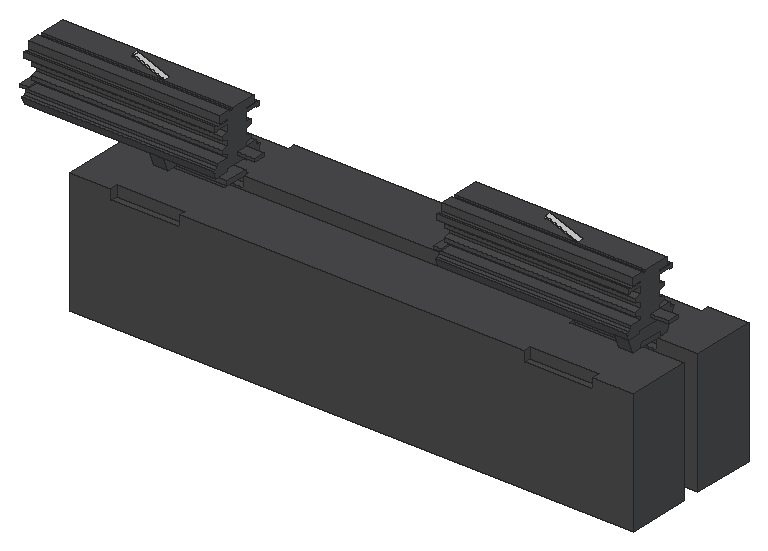
Revit family "STRIPE DOUBLE HEAD RAIL 328_DTM30U3.2_W3.2_N3.2", category Luminarias, Revit 2019
Family settings
  Cota de conector redondo = Diámetro de uso
  Tipo de pieza = Normal
  Se basa en plano de trabajo = Sí
  Siempre vertical = Sí
  Corte con vacíos al cargar = No
  Origen de luz = Sí
  Compartido = No
  Punto de cálculo de habitación = No
Parameters (values of type "STRIPE DOUBLE HEAD RAIL 328_DTM30N3.2")
  Ángulo de inclinación = 60.00°
  Ángulo de enfoque = 90.00°
  Ángulo de campo de foco = 90.00°
  Zone [instance] = ""
  Watt per fixture = 30
  Wattage = 30 W
  built-in parameter 1150107 = 4000 (stored number, unit not read)
  built-in parameter 1150110 = 1 (stored number, unit not read)
  built-in parameter 1150109 = 1 (stored number, unit not read)
  built-in parameter 1150112 = 1 (stored number, unit not read)
  built-in parameter 1150113 = 1 (stored number, unit not read)
  built-in parameter 1114218 = 1 (stored number, unit not read)
  Keynote = ""
  built-in parameter 1150137 = (empty or 0)
  built-in parameter 1150132 = (empty or 0)
  Modelo = "DTM30N3.2"
  Lámpara = "2835 SMD SAMSUNG"
  Light Source Symbol Length = 3048 mm
  built-in parameter 1150105 = 3722.5 (stored number, unit not read)
  built-in parameter 1150102 = (empty or 0)
  built-in parameter 1150106 = 37.225 (stored number, unit not read)
  Lumens = 5040 lm
  Color Filter = 16777215
  built-in parameter 1114217 = 1 (stored number, unit not read)
  built-in parameter 1150139 = (empty or 0)
  Fabricante = "BRILLANT"
  Default Elevation = 1219.2 mm
  built-in parameter 1150104 = 15.608 (stored number, unit not read)
  Descripción = "LUMINARIA DOWNLIGHT EN FORMATO RECTANGULAR COMPATIBLE CON RIEL DE 6 ENTRADAS Y 3 CIRCUITOS CON CABEZAL PARA PODER DIRIGIR LA LUMINARIA HASTA 90 GRADOS, CUERPO DE ALUMINIO ACABADO EN COLOR NEGRO, IP 20, PESO 1.56Kg, TIPO DE LED 2835 SMD SAMSUNG CON 30W TOTAL, 2400 LUMENES, 168LM/W, IRC 90, TEMPERATURA EN BLANCO FRIO 4000K, 50 MIL HORAS DE VIDA PROMEDIO, APERTURA DE 90 GRADOS EN STOCK, ALIMENTADO A 90-240V"
  built-in parameter 1150115 = 1 (stored number, unit not read)
  built-in parameter 1150114 = 1 (stored number, unit not read)
  Comentarios de vataje = "90-240V"
  built-in parameter 1150138 = (empty or 0)
  built-in parameter 1150134 = 12
  Circuit [instance] = ""
  Dimming Lamp Color Temperature Shift = (empty or 0)
  Longitud de símbolo de origen de luz = 3048 mm
Types (3, lengths in mm): name | built-in parameter 1150107 | Modelo | built-in parameter 1150105 | built-in parameter 1150106 | Lumens | built-in parameter 1150104 | Descripción | built-in parameter 1150134
  STRIPE DOUBLE HEAD RAIL 328_DTM30U3.2 | 2700 (stored number, unit not read) | "DTM30U3.2" | 45982.4 (stored number, unit not read) | 459.82 (stored number, unit not read) | 4560 lm | 14.121 (stored number, unit not read) | "LUMINARIA DOWNLIGHT EN FORMATO RECTANGULAR COMPATIBLE CON RIEL DE 6 ENTRADAS Y 3 CIRCUITOS CON CABEZAL PARA PODER DIRIGIR LA LUMINARIA HASTA 90 GRADOS, CUERPO DE ALUMINIO ACABADO EN COLOR NEGRO, IP 20, PESO 1.56Kg, TIPO DE LED 2835 SMD SAMSUNG CON 30W TOTAL, 2300 LUMENES, 152LM/W, IRC 90, TEMPERATURA EN BLANCO CALIDO 2700K, 50 MIL HORAS DE VIDA PROMEDIO, APERTURA DE 90 GRADOS EN STOCK, ALIMENTADO A 90-240V" | (empty or 0)
  STRIPE DOUBLE HEAD RAIL 328_DTM30W3.2 | 3000 (stored number, unit not read) | "DTM30W3.2" | 46587.4 (stored number, unit not read) | 465.87 (stored number, unit not read) | 4620 lm | 14.307 (stored number, unit not read) | "LUMINARIA DOWNLIGHT EN FORMATO RECTANGULAR COMPATIBLE CON RIEL DE 6 ENTRADAS Y 3 CIRCUITOS CON CABEZAL PARA PODER DIRIGIR LA LUMINARIA HASTA 90 GRADOS, CUERPO DE ALUMINIO ACABADO EN COLOR NEGRO, IP 20, PESO 1.56Kg, TIPO DE LED 2835 SMD SAMSUNG CON 30W TOTAL, 2200 LUMENES, 154LM/W, IRC 90, TEMPERATURA EN BLANCO CALIDO 3000K, 50 MIL HORAS DE VIDA PROMEDIO, APERTURA DE 90 GRADOS EN STOCK, ALIMENTADO A 90-240V" | (empty or 0)
  STRIPE DOUBLE HEAD RAIL 328_DTM30N3.2 | 4000 (stored number, unit not read) | "DTM30N3.2" | 3722.5 (stored number, unit not read) | 37.225 (stored number, unit not read) | 5040 lm | 15.608 (stored number, unit not read) | "LUMINARIA DOWNLIGHT EN FORMATO RECTANGULAR COMPATIBLE CON RIEL DE 6 ENTRADAS Y 3 CIRCUITOS CON CABEZAL PARA PODER DIRIGIR LA LUMINARIA HASTA 90 GRADOS, CUERPO DE ALUMINIO ACABADO EN COLOR NEGRO, IP 20, PESO 1.56Kg, TIPO DE LED 2835 SMD SAMSUNG CON 30W TOTAL, 2400 LUMENES, 168LM/W, IRC 90, TEMPERATURA EN BLANCO FRIO 4000K, 50 MIL HORAS DE VIDA PROMEDIO, APERTURA DE 90 GRADOS EN STOCK, ALIMENTADO A 90-240V" | 12
Reference planes
  plane 1 "Centro (Frontal/Posterior)": y = 0
  plane 2: z = 0
  plane 3 "Centro (Izquierda/Derecha)": x = 0
Forms (mm)
  Extrusion 1, solid, material "Default Form", not visible
    sketch origin (-55.628, 0, 7.5) x (0, 1, 0) y (0, 0, 1)
      loop
        line (-7.273, 1.74) -> (7.273, 1.74) -> (7.273, 0) -> (15.231, 0) -> (17.006, 4.494) -> (15.021, 4.494) -> (14.058, 5.868) -> (14.058, 7.166) -> (6.473, 7.166) -> (6.473, 9.324) -> (10.169, 10.163) -> (10.169, 12.464) -> (6.473, 13.302) -> (6.473, 16.66) -> (10.169, 17.499) -> (10.169, 19.8) -> (6.473, 20.638) -> (6.473, 25.016) -> (13.839, 25.016) -> (14.514, 24.341) -> (15.775, 24.341) -> (15.775, 27.171) -> (14.73, 27.171) -> (14.058, 26.499) -> (6.473, 26.499) -> (6.473, 27.299) -> (12.377, 27.299) -> (12.377, 31.471) -> (-2.744, 31.471) -> (-2.744, 30.671) -> (-5.514, 30.671) -> (-5.514, 31.471) -> (-12.377, 31.471) -> (-12.377, 27.299) -> (-6.473, 27.299) -> (-6.473, 26.499) -> (-14.058, 26.499) -> (-14.73, 27.171) -> (-15.775, 27.171) -> (-15.775, 24.341) -> (-14.514, 24.341) -> (-13.839, 25.016) -> (-6.473, 25.016) -> (-6.473, 20.638) -> (-10.169, 19.8) -> (-10.169, 17.499) -> (-6.473, 16.66) -> (-6.473, 13.302) -> (-10.169, 12.464) -> (-10.169, 10.163) -> (-6.473, 9.324) -> (-6.473, 7.166) -> (-14.058, 7.166) -> (-14.058, 5.868) -> (-15.021, 4.494) -> (-17.006, 4.494) -> (-15.231, 0) -> (-7.273, 0) -> (-7.273, 1.74)
    from 0 to 111.256
  Extrusion 2, solid, material "Default Form", not visible
    sketch origin (0, 0, 0) x (1, 0, 0) y (0, 1, 0)
      loop
        line (-19.12, 6.873) -> (-19.12, -6.873) -> (19.12, -6.873) -> (19.12, 6.873) -> (-19.12, 6.873)
    from 0 to 2.67
  Extrusion 3, solid, material "Default Form", not visible
    sketch origin (0, 0, 0) x (1, 0, 0) y (0, 1, 0)
      loop
        line (-10.93, 3.188) -> (-10.93, -3.188) -> (10.93, -3.188) -> (10.93, 3.188) -> (-10.93, 3.188)
    from 2.67 to 7.5
  Extrusion 4, solid, material "Acero Inoxidable", not visible
    sketch origin (0, -1.594, 0) x (1, 0, 0) y (0, 0, -1)
      loop
        line (-15, -38.971) -> (3.794, -45.811) -> (4.341, -44.308) -> (3.589, -44.034) -> (3.316, -44.786) -> (-12.661, -38.971) -> (-15, -38.971)
    from 0 to 3.188
  Extrusion 5, solid, material "Default Form", not visible
    sketch origin (-55.628, 0, 7.5) x (0, 1, 0) y (0, 0, 1)
      loop
        line (-7.273, 1.74) -> (7.273, 1.74) -> (7.273, 0) -> (15.231, 0) -> (17.006, 4.494) -> (15.021, 4.494) -> (14.058, 5.868) -> (14.058, 7.166) -> (6.473, 7.166) -> (6.473, 9.324) -> (10.169, 10.163) -> (10.169, 12.464) -> (6.473, 13.302) -> (6.473, 16.66) -> (10.169, 17.499) -> (10.169, 19.8) -> (6.473, 20.638) -> (6.473, 25.016) -> (13.839, 25.016) -> (14.514, 24.341) -> (15.775, 24.341) -> (15.775, 27.171) -> (14.73, 27.171) -> (14.058, 26.499) -> (6.473, 26.499) -> (6.473, 27.299) -> (12.377, 27.299) -> (12.377, 31.471) -> (-2.744, 31.471) -> (-2.744, 30.671) -> (-5.514, 30.671) -> (-5.514, 31.471) -> (-12.377, 31.471) -> (-12.377, 27.299) -> (-6.473, 27.299) -> (-6.473, 26.499) -> (-14.058, 26.499) -> (-14.73, 27.171) -> (-15.775, 27.171) -> (-15.775, 24.341) -> (-14.514, 24.341) -> (-13.839, 25.016) -> (-6.473, 25.016) -> (-6.473, 20.638) -> (-10.169, 19.8) -> (-10.169, 17.499) -> (-6.473, 16.66) -> (-6.473, 13.302) -> (-10.169, 12.464) -> (-10.169, 10.163) -> (-6.473, 9.324) -> (-6.473, 7.166) -> (-14.058, 7.166) -> (-14.058, 5.868) -> (-15.021, 4.494) -> (-17.006, 4.494) -> (-15.231, 0) -> (-7.273, 0) -> (-7.273, 1.74)
    from 0 to 111.256
  Extrusion 6, solid, material "Default Form", not visible
    sketch origin (0, 0, 0) x (1, 0, 0) y (0, 1, 0)
      loop
        line (-19.12, 6.873) -> (-19.12, -6.873) -> (19.12, -6.873) -> (19.12, 6.873) -> (-19.12, 6.873)
    from 0 to 2.67
  Extrusion 7, solid, material "Default Form", not visible
    sketch origin (0, 0, 0) x (1, 0, 0) y (0, 1, 0)
      loop
        line (-10.93, 3.188) -> (-10.93, -3.188) -> (10.93, -3.188) -> (10.93, 3.188) -> (-10.93, 3.188)
    from 2.67 to 7.5
  Extrusion 8, solid, material "Acero Inoxidable", not visible
    sketch origin (0, -1.594, 0) x (1, 0, 0) y (0, 0, -1)
      loop
        line (-15, -38.971) -> (3.794, -45.811) -> (4.341, -44.308) -> (3.589, -44.034) -> (3.316, -44.786) -> (-12.661, -38.971) -> (-15, -38.971)
    from 0 to 3.188
  Extrusion 9, solid, material "Default Form", not visible
    sketch origin (0, 0, 0) x (1, 0, 0) y (0, 1, 0)
      loop
        line (-55.628, 6.473) -> (-66.331, 6.473) -> (-66.331, 0) -> (-55.628, 0) -> (-55.628, 6.473)
      loop
        line (55.628, 12.377) -> (55.628, -12.149) -> (60.628, -12.149) -> (60.628, 12.377) -> (55.628, 12.377)
    from 13.368 to 15
  Extrusion 10, solid, material "Default Form"
    sketch origin (-100.42, 0, 7.5) x (0, 1, 0) y (0, 0, -1)
      loop
        line (-7.273, -1.74) -> (-7.273, 0) -> (-15.231, 0) -> (-17.006, -4.494) -> (-15.021, -4.494) -> (-14.058, -5.868) -> (-14.058, -7.166) -> (-6.473, -7.166) -> (-6.473, -9.324) -> (-10.169, -10.163) -> (-10.169, -12.464) -> (-6.473, -13.302) -> (-6.473, -16.66) -> (-10.169, -17.499) -> (-10.169, -19.8) -> (-6.473, -20.638) -> (-6.473, -25.016) -> (-13.839, -25.016) -> (-14.514, -24.341) -> (-15.775, -24.341) -> (-15.775, -27.171) -> (-14.73, -27.171) -> (-14.058, -26.499) -> (-6.473, -26.499) -> (-6.473, -27.299) -> (-12.377, -27.299) -> (-12.377, -31.471) -> (-5.514, -31.471) -> (-5.514, -30.671) -> (-2.744, -30.671) -> (-2.744, -31.471) -> (12.377, -31.471) -> (12.377, -27.299) -> (6.473, -27.299) -> (6.473, -26.499) -> (14.058, -26.499) -> (14.73, -27.171) -> (15.775, -27.171) -> (15.775, -24.341) -> (14.514, -24.341) -> (13.839, -25.016) -> (6.473, -25.016) -> (6.473, -20.638) -> (10.169, -19.8) -> (10.169, -17.499) -> (6.473, -16.66) -> (6.473, -13.302) -> (10.169, -12.464) -> (10.169, -10.163) -> (6.473, -9.324) -> (6.473, -7.166) -> (14.058, -7.166) -> (14.058, -5.868) -> (15.021, -4.494) -> (17.006, -4.494) -> (15.231, 0) -> (7.273, 0) -> (7.273, -1.74) -> (-7.273, -1.74)
    from 0 to 111.256
  Extrusion 11, solid, material "Default Form"
    sketch origin (-119.54, 0, 0) x (-1, 0, 0) y (0, -1, 0)
      loop
        line (-19.12, -6.873) -> (19.12, -6.873) -> (19.12, 6.873) -> (-19.12, 6.873) -> (-19.12, -6.873)
    from 0 to 2.67
  Extrusion 12, solid, material "Default Form"
    sketch origin (-119.54, 0, 0) x (-1, 0, 0) y (0, -1, 0)
      loop
        line (-10.93, -3.188) -> (10.93, -3.188) -> (10.93, 3.188) -> (-10.93, 3.188) -> (-10.93, -3.188)
    from 2.67 to 7.5
  Extrusion 13, solid, material "Acero Inoxidable"
    sketch origin (-156.048, -1.594, 0) x (-1, 0, 0) y (0, 0, 1)
      loop
        line (-15, 38.971) -> (-12.661, 38.971) -> (3.316, 44.786) -> (3.589, 44.034) -> (4.341, 44.308) -> (3.794, 45.811) -> (-15, 38.971)
    from 0 to 3.188
  Extrusion 14, solid, material "Default Form"
    sketch origin (-156.048, 0, 0) x (-1, 0, 0) y (0, -1, 0)
      loop
        line (-55.628, -6.473) -> (-55.628, 0) -> (-66.331, 0) -> (-66.331, -6.473) -> (-55.628, -6.473)
      loop
        line (55.628, -12.377) -> (60.628, -12.377) -> (60.628, 12.149) -> (55.628, 12.149) -> (55.628, -12.377)
    from 13.368 to 15
  Extrusion 15, solid, material "Default Form"
    sketch origin (0, -23.326, 0) x (1, 0, 0) y (0, 0, 1)
      loop
        line (-164, 0) -> (-164, -72) -> (164, -72) -> (164, 0) -> (-164, 0)
    from -18.326 to 18.326
  Blend 16, void
    base sketch origin (0, -23.326, 0) x (1, 0, 0) y (0, 1, 0)
      loop
        line (-162, 16.149) -> (-162, -16.149) -> (162.125, -16.149) -> (162.125, 16.149) -> (-162, 16.149)
    top sketch origin (0, -23.326, 0) x (1, 0, 0) y (0, 1, 0)
      loop
        line (-160, 12.149) -> (-160, -12.149) -> (160, -12.149) -> (160, 12.149) -> (-160, 12.149)
    from -72 to -61.591
  Extrusion 17, void
    sketch origin (0, -23.326, 0) x (1, 0, 0) y (0, 1, 0)
      loop
        line (-140.14, 18.326) -> (-140.14, 14.276) -> (-100.42, 14.276) -> (-100.42, 18.326) -> (-140.14, 18.326)
      loop
        line (-140.14, -18.326) -> (-100.42, -18.326) -> (-100.42, -14.276) -> (-140.14, -14.276) -> (-140.14, -18.326)
      loop
        line (140.14, -18.326) -> (140.14, -14.276) -> (100.42, -14.276) -> (100.42, -18.326) -> (140.14, -18.326)
      loop
        line (140.14, 18.326) -> (100.42, 18.326) -> (100.42, 14.276) -> (140.14, 14.276) -> (140.14, 18.326)
    from -6.015 to 0
  Extrusion 18, solid, material "Default Form"
    sketch origin (140.14, 0, 7.5) x (0, 1, 0) y (0, 0, -1)
      loop
        line (-7.273, -1.74) -> (-7.273, 0) -> (-15.231, 0) -> (-17.006, -4.494) -> (-15.021, -4.494) -> (-14.058, -5.868) -> (-14.058, -7.166) -> (-6.473, -7.166) -> (-6.473, -9.324) -> (-10.169, -10.163) -> (-10.169, -12.464) -> (-6.473, -13.302) -> (-6.473, -16.66) -> (-10.169, -17.499) -> (-10.169, -19.8) -> (-6.473, -20.638) -> (-6.473, -25.016) -> (-13.839, -25.016) -> (-14.514, -24.341) -> (-15.775, -24.341) -> (-15.775, -27.171) -> (-14.73, -27.171) -> (-14.058, -26.499) -> (-6.473, -26.499) -> (-6.473, -27.299) -> (-12.377, -27.299) -> (-12.377, -31.471) -> (-5.514, -31.471) -> (-5.514, -30.671) -> (-2.744, -30.671) -> (-2.744, -31.471) -> (12.377, -31.471) -> (12.377, -27.299) -> (6.473, -27.299) -> (6.473, -26.499) -> (14.058, -26.499) -> (14.73, -27.171) -> (15.775, -27.171) -> (15.775, -24.341) -> (14.514, -24.341) -> (13.839, -25.016) -> (6.473, -25.016) -> (6.473, -20.638) -> (10.169, -19.8) -> (10.169, -17.499) -> (6.473, -16.66) -> (6.473, -13.302) -> (10.169, -12.464) -> (10.169, -10.163) -> (6.473, -9.324) -> (6.473, -7.166) -> (14.058, -7.166) -> (14.058, -5.868) -> (15.021, -4.494) -> (17.006, -4.494) -> (15.231, 0) -> (7.273, 0) -> (7.273, -1.74) -> (-7.273, -1.74)
    from 0 to 111.256
  Extrusion 19, solid, material "Default Form"
    sketch origin (121.02, 0, 0) x (-1, 0, 0) y (0, -1, 0)
      loop
        line (-19.12, -6.873) -> (19.12, -6.873) -> (19.12, 6.873) -> (-19.12, 6.873) -> (-19.12, -6.873)
    from 0 to 2.67
  Extrusion 20, solid, material "Default Form"
    sketch origin (121.02, 0, 0) x (-1, 0, 0) y (0, -1, 0)
      loop
        line (-10.93, -3.188) -> (10.93, -3.188) -> (10.93, 3.188) -> (-10.93, 3.188) -> (-10.93, -3.188)
    from 2.67 to 7.5
  Extrusion 21, solid, material "Acero Inoxidable"
    sketch origin (84.512, -1.594, 0) x (-1, 0, 0) y (0, 0, 1)
      loop
        line (-15, 38.971) -> (-12.661, 38.971) -> (3.316, 44.786) -> (3.589, 44.034) -> (4.341, 44.308) -> (3.794, 45.811) -> (-15, 38.971)
    from 0 to 3.188
  Extrusion 22, solid, material "Default Form"
    sketch origin (84.512, 0, 0) x (-1, 0, 0) y (0, -1, 0)
      loop
        line (-55.628, -6.473) -> (-55.628, 0) -> (-66.331, 0) -> (-66.331, -6.473) -> (-55.628, -6.473)
      loop
        line (55.628, -12.377) -> (60.628, -12.377) -> (60.628, 12.149) -> (55.628, 12.149) -> (55.628, -12.377)
    from 13.368 to 15
  Extrusion 23, solid, material "Default Form"
    sketch origin (0, 0, 0) x (0, 1, 0) y (0, 0, 1)
      loop
        line (15.231, 7.5) -> (7.273, 7.5) -> (7.273, 9.24) -> (-7.273, 9.24) -> (-7.273, 7.5) -> (-15.231, 7.5) -> (-12.269, 0) -> (12.269, 0) -> (15.231, 7.5)
    from 131.95 to 140.14
  Extrusion 24, solid, material "Default Form"
    sketch origin (1.479, 0, 0) x (0, 1, 0) y (0, 0, -1)
      loop
        line (15.231, -7.5) -> (12.269, 0) -> (-12.269, 0) -> (-15.231, -7.5) -> (-7.273, -7.5) -> (-7.273, -9.24) -> (7.273, -9.24) -> (7.273, -7.5) -> (15.231, -7.5)
    from 131.95 to 140.14
  Extrusion 25, solid, material "Cristal"
    sketch origin (0, 0, 0) x (1, 0, 0) y (0, 1, 0)
      loop
        line (-162, -7.176) -> (-162, -39.475) -> (162.125, -39.475) -> (162.125, -7.176) -> (-162, -7.176)
    from -72 to -71.433
  Extrusion 26, solid, material "Default Form"
    sketch origin (0, 23.326, 0) x (1, 0, 0) y (0, 0, -1)
      loop
        line (-164, 0) -> (164, 0) -> (164, 72) -> (-164, 72) -> (-164, 0)
    from -18.326 to 18.326
  Blend 27, void
    base sketch origin (0, 23.326, 0) x (1, 0, 0) y (0, 1, 0)
      loop
        line (-162, -16.149) -> (162.125, -16.149) -> (162.125, 16.149) -> (-162, 16.149) -> (-162, -16.149)
    top sketch origin (0, 23.326, 0) x (1, 0, 0) y (0, 1, 0)
      loop
        line (-160, -12.149) -> (160, -12.149) -> (160, 12.149) -> (-160, 12.149) -> (-160, -12.149)
    from -72 to -61.591
  Extrusion 28, void
    sketch origin (0, 23.326, 0) x (1, 0, 0) y (0, 1, 0)
      loop
        line (-140.14, -18.326) -> (-100.42, -18.326) -> (-100.42, -14.276) -> (-140.14, -14.276) -> (-140.14, -18.326)
      loop
        line (-140.14, 18.326) -> (-140.14, 14.276) -> (-100.42, 14.276) -> (-100.42, 18.326) -> (-140.14, 18.326)
      loop
        line (140.14, 18.326) -> (100.42, 18.326) -> (100.42, 14.276) -> (140.14, 14.276) -> (140.14, 18.326)
      loop
        line (140.14, -18.326) -> (140.14, -14.276) -> (100.42, -14.276) -> (100.42, -18.326) -> (140.14, -18.326)
    from -6.015 to 0
  Extrusion 29, solid, material "Cristal"
    sketch origin (0, 0, 0) x (1, 0, 0) y (0, 1, 0)
      loop
        line (-162, 7.176) -> (162.125, 7.176) -> (162.125, 39.475) -> (-162, 39.475) -> (-162, 7.176)
    from -72 to -71.433
Cuts and joins
  Blend 16, Extrusion 17, Blend 27, Extrusion 28 cuts Extrusion 15
  Blend 27, Extrusion 28 cuts Extrusion 26
  Extrusion 28 cuts Extrusion 11
  Extrusion 28 cuts Extrusion 19
  Extrusion 28 cuts Extrusion 23
  Extrusion 28 cuts Extrusion 24
Dimensions and locks
  Extrusion 15 to Extrusion 15 = 36.651 mm
  cut or joined group of Extrusion 15, Blend 16, Extrusion 17, Blend 27, Extrusion 28 to cut or joined group of Extrusion 15, Blend 16, Extrusion 17, Blend 27, Extrusion 28 = 328 mm
  cut or joined group of Extrusion 15, Blend 16, Extrusion 17, Blend 27, Extrusion 28 to cut or joined group of Extrusion 15, Blend 16, Extrusion 17, Blend 27, Extrusion 28 = 72 mm
  aligned and locked: level to plane 2
  aligned and locked: Extrusion 10 to Extrusion 12
  aligned and locked: Extrusion 11 to Extrusion 12
  aligned and locked: Extrusion 18 to Extrusion 20
  aligned and locked: Extrusion 19 to Extrusion 20
  aligned and locked: Extrusion 24 to Extrusion 11
  aligned and locked: Extrusion 24 to Extrusion 12
  aligned and locked: Extrusion 23 to Extrusion 20
  aligned and locked: cut or joined group of Extrusion 15, Blend 16, Extrusion 17, Blend 27, Extrusion 28 to Extrusion 25  (x2)
  aligned and locked: Extrusion 25 to cut or joined group of Extrusion 15, Blend 16, Extrusion 17, Blend 27, Extrusion 28  (x2)
Connectors
  electrical at (0, -23.326, 0)
    settings: on cut or joined group of Extrusion 15, Blend 16, Extrusion 17, Blend 27, Extrusion 28, index 1, voltage 240 V, apparent load 0 VA, apparent load phase1 0 VA, apparent load phase2 0 VA, apparent load phase3 0 VA, power factor 1, load classification "Otro", number of poles 1, system type 31, power factor state 1, is connector primary yes, connector utility no, sub classification motor no, connector description ""
